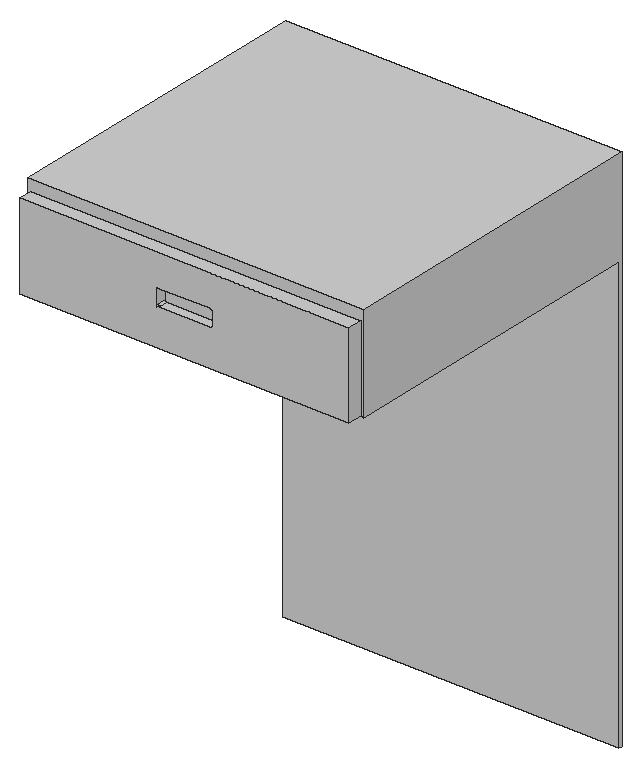
Revit family "WC34", category Specialty Equipment, Revit 2012
Parameters (values of type "Work Counter Unit Countertop (Default)")
  URL = "http://madixinc.com/store/pharmacy/counters.html"
  Model = "Work Counter"
  Manufacturer = "© 2012 Madix, Inc. All rights reserved."
Reference planes (in)
  plane 1 "Center (Front/Back)": y = 0
  plane 2: z = 0
  plane 3 "Center (Left/Right)": x = 0
  plane 4: x = -12
  plane 5: x = 12
  plane 6: y = 12
  plane 7: y = -12
  plane 8: z = 38
  plane 9: y = -11.25
  plane 10: y = -11.875
  plane 11: x = 11.75
  plane 12: x = -11.75
  plane 13: x = -11.25
Forms (in)
  Extrusion 1, solid, material "Metal - Steel"
    sketch origin (0, 0, 0) x (0, 1, 0) y (0, 0, 1)
      loop
        line (-11, 37.25) -> (-11.25, 37.25) -> (-11.25, 31.125) -> (-11, 31.125) -> (-11, 37.25)
    from -11.75 to 11.75
  Extrusion 2, solid, material "Metal - Steel"
    sketch origin (0, 0, 0) x (1, 0, 0) y (0, 0, 1)
      loop
        line (-11.75, 37.25) -> (-11.75, 31.125) -> (11.75, 31.125) -> (11.75, 37.25) -> (-11.75, 37.25)
      loop
        line (-2, 35.125) -> (-2, 34.5) -> (-2, 33.875)
        arc (-2, 33.875) -> (-1.96339, 33.78661) -> (-1.875, 33.75) r 0.125
        line (-1.875, 33.75) -> (0, 33.75) -> (1.875, 33.75)
        arc (1.875, 33.75) -> (1.96339, 33.78661) -> (2, 33.875) r 0.125
        line (2, 33.875) -> (2, 34.5) -> (2, 35.125)
        arc (2, 35.125) -> (1.96339, 35.21339) -> (1.875, 35.25) r 0.125
        line (1.875, 35.25) -> (0, 35.25) -> (-1.875, 35.25)
        arc (-1.875, 35.25) -> (-1.96339, 35.21339) -> (-2, 35.125) r 0.125
    from 11.25 to 11.875
  Extrusion 3, solid, material "Metal - Steel"
    sketch origin (0, 0, 0) x (1, 0, 0) y (0, 0, 1)
      loop
        line (-11.75, 37.25) -> (-11.75, 31.125) -> (11.75, 31.125) -> (11.75, 37.25) -> (-11.75, 37.25)
      loop
        arc (-1.875, 35) -> (-1.96339, 34.96339) -> (-2, 34.875) r 0.125
        line (-2, 34.875) -> (-2, 33.875)
        arc (-2, 33.875) -> (-1.96339, 33.78661) -> (-1.875, 33.75) r 0.125
        line (-1.875, 33.75) -> (1.875, 33.75)
        arc (1.875, 33.75) -> (1.96339, 33.78661) -> (2, 33.875) r 0.125
        line (2, 33.875) -> (2, 34.875)
        arc (2, 34.875) -> (1.96339, 34.96339) -> (1.875, 35) r 0.125
        line (1.875, 35) -> (-1.875, 35)
    from 11.875 to 12
  Extrusion 4, solid, material "Metal - Steel"
    sketch origin (0, 0, 0) x (1, 0, 0) y (0, 1, 0)
      loop
        line (-12, 12) -> (-12, 11.75) -> (12, 11.75) -> (12, 12) -> (-12, 12)
    from 0 to 38
  Extrusion 5, solid, material "Metal - Steel"
    sketch origin (0, 0, 0) x (1, 0, 0) y (0, 1, 0)
      loop
        line (12, -11) -> (12, 11.75) -> (-12, 11.75) -> (-12, -11) -> (12, -11)
    from 31.125 to 38
Cuts and joins
  joined: Extrusion 1, Extrusion 2, Extrusion 3, Extrusion 4, Extrusion 5
Dimensions and locks (in)
  aligned and locked: level to plane 2
  aligned and locked: Extrusion 3 to Extrusion 2
  aligned and locked: plane 11 to Extrusion 2
  aligned and locked: Extrusion 2 to Extrusion 1
  aligned and locked: Extrusion 3 to Extrusion 1
  aligned and locked: Extrusion 2 to Extrusion 3
  aligned and locked: Extrusion 1 to Extrusion 2
